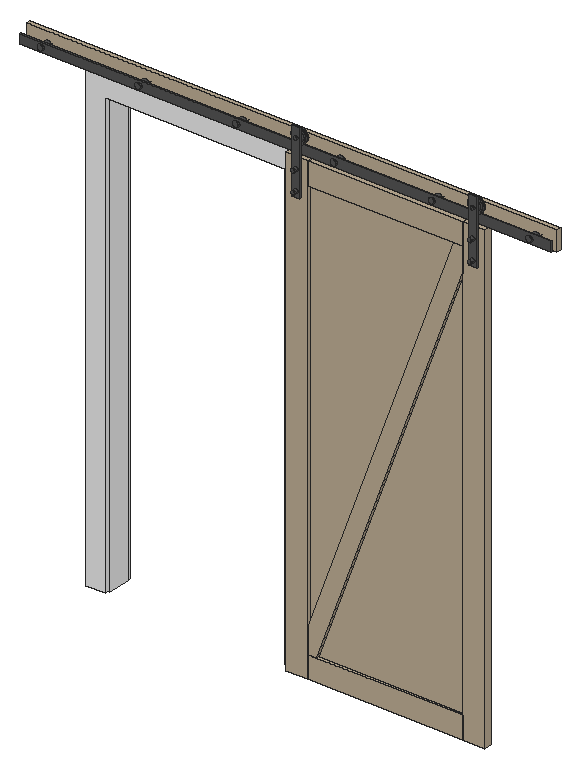
Revit family "Door_Barn_Salinas", category Doors, host Wall, Revit 2026
Family settings
  Host = Wall
  Classification Number = 23.30.10.17.11
  Always vertical = Yes
  Cut with Voids When Loaded = No
  Shared = No
  Room Calculation Point = No
Parameters (values of type "Unfinished Pine")
  panelmovement [instance] = if(Percent Open = 0, 0' 0", 3' 0" / ((100 / Percent Open)))  # 3' - 0"
  longtrackmounts = yes
  Width of Blocking Mounting Board [instance] = 0' - 3 1/2"
  Type Comments = "Confirm Opening Size Requirements"
  Track Width = 8' - 0"
  Strap Design [instance] = BarnDoorStraps : Straight Strap
  Standards Conformance = ""
  Sound Transmission Class (STC) = 0
  Show Generic Cased Opening [instance] = yes
  RO Offset [instance] = 0' - 0 3/4"
  Percent Open [instance] = 100
  Panel Width = 3' - 0"
  Panel Thickness = 0' - 1 3/8"
  Panel Stile Width [instance] = 0' - 4"
  Panel Rail Width_Top [instance] = 0' - 4"
  Panel Rail Width_Bottom [instance] = 0' - 4"
  Panel Intermediate Rail Widths [instance] = 0' - 3"
  Panel Height = 7' - 0"
  Minimum Width = 0' - 0"
  Maximum Width = 0' - 0"
  Locate Center of Track [instance] = 0' - 1 1/2"
  Include Blocking Mounting Board [instance] = yes
  Height to Bottom of Blocking Mounting Board [instance] = 7' - 0 1/16"
  Generic Casing Finish [instance] = Wood - Renin - Painted White
  Function = Interior
  Frame Finish [instance] = Metal - Renin - Matte Black Steel
  Door Finish [instance] = Wood - Renin - Pine Unfinished
  Door Design = Door_Barn-Panel_Renin_Z : Glazed Panel
  Clear Opening Width [instance] = 2' - 8"
  Clear Opening Height [instance] = 6' - 8"
  Warranty Duration (Years) = 0
  URL = "https://www.renin.com/"
  Thickness = 0' - 0"  # constant formula
  Test Data = ""
  Specification = ""
  SpecWizard = ""
  Send Message = ""
  Sales Information = "https://www.renin.com/contact-us/"
  Rough Width [instance] = (Clear Opening Width + (RO Offset * 2))  # 2' - 9 1/2"
  Rough Height [instance] = (Clear Opening Height + (RO Offset))  # 6' - 8 3/4"
  Product Properties = ""
  Product Data = "http://www.arcat.com/arcatcos/cos49/arc49687.html"
  Manufacturer Website = "https://www.renin.com/"
  Manufacturer Phone - Toll Free = ""
  Manufacturer Fax = "905-791-3813"
  Manufacturer Address = "110 Walker Dr.   Brampton, ON, Canada    L6T 4H6"
  Maintenance Schedule (Months) = 0
  Installation-Fabrication = ""
  Installation Phase = ""
  Green Building-LEED = ""
  Model = "Salinas - Unfinished Pine"
  Manufacturer = "Renin Corp"
  Keynote = "08 00 00"
  Height [instance] = 0' - 0"  # constant formula
  Wall Closure = By host
  Width [instance] = 0' - 0"  # constant formula
  Fire Rating = "As Specified"
  Expected Lifespan (Years) = 0
  Drawn By = "Sumex Design, Inc. / Robert S. Weygant, CSI, CDT, SCIP"  # constant formula
  Description = "Renin Barn Door and Track - Salinas as Specified"
  Copyright = "©Arcat Inc. R1_2017-03"  # constant formula
  Construction Details = ""
  Center Door Panel Material [instance] = Wood - Renin - Pine Unfinished
  Door CL Projection from Wall [instance] = 0' - 2 1/8"
  Building Codes = ""
  Available Options = ""
  Assembly Code = "C1020100"
  Analytic Construction = "<None>"
  Air Space Beneath Door = 0' - 0 7/16"
Reference planes (in)
  plane 1 "Center (Front/Back)": y = -33.96225
  plane 2 "Center (Left/Right)": x = 34.28704
  plane 3: z = 0
  plane 4 "Right": x = 50.28704
  plane 5 "Left": x = 18.28704
  plane 6: z = 0
  plane 7 "Top of Frame": z = 80
  plane 8 "RO Top": z = 80.75
  plane 9 "RO Right": x = 51.03704
  plane 10 "RO Left": x = 17.53704
  plane 11 "EXT WALL FACE": y = -31.96225
  plane 12 "INT WALL FACE": y = -35.96225
  plane 13: x = 51.78704
  plane 14: x = 3.78704
  plane 15: x = 99.78704
  plane 16: y = -38.08725
  plane 17: z = 84.4375
  plane 18: z = 0.4375
  plane 19: z = 85.5625
  plane 20: y = -37.39975
  plane 21: y = -38.77475
  plane 22: x = 52.28704
  plane 23: x = 88.28704
  plane 24: x = 70.28704
Forms (in)
  Sweep 1, solid, material "Wood - Renin - Painted White" <- "Generic Casing Finish", visible <- "Show Generic Cased Opening"
    path origin (0, -35.96225, 0) x (-1, 0, 0) y (0, 0, 1)
      loop
        line (-18.28704, 0) -> (-18.28704, 80) -> (-50.28704, 80) -> (-50.28704, 0)
    profile origin (18.28704, -35.96225, 40) x (1, 0, 0) y (0, 1, 0)
      loop
        line (0, 0) -> (0, 4) -> (-0.75, 4) -> (-0.75, 0) -> (0, 0)
  Sweep 2, solid, material "Wood - Renin - Painted White" <- "Generic Casing Finish", visible <- "Show Generic Cased Opening"
    path origin (0, -35.96225, 0) x (-1, 0, 0) y (0, 0, 1)
      loop
        line (-18.28704, 0) -> (-18.28704, 80) -> (-50.28704, 80) -> (-50.28704, 0)
    profile origin (18.28704, -35.96225, 40) x (1, 0, 0) y (0, 1, 0)
      loop
        line (-0.25, 4) -> (-0.25, 4.75) -> (-3.75, 4.75) -> (-3.75, 4) -> (-0.25, 4)
      loop
        line (-0.25, 0) -> (-3.75, 0) -> (-3.75, -0.75) -> (-0.25, -0.75) -> (-0.25, 0)
  Extrusion 3, solid, material "Metal - Renin - Matte Black Steel" <- "Frame Finish"
    sketch origin (10.10712, -38.08725, 48) x (-1, 0, 0) y (0, 0, 1)
      loop
        line (-89.67991, 38.4375) -> (-89.67991, 36.6875) -> (6.32009, 36.6875) -> (6.32009, 38.4375) -> (-89.67991, 38.4375)
    from 0.125 to -0.125
  Extrusion 4, solid, material "Wood - Renin - Pine Unfinished" <- "Door Finish", visible <- "Include Blocking Mounting Board"
    sketch origin (0, -35.96225, 0) x (-1, 0, 0) y (0, 0, 1)
      loop
        line (-3.78704, 87.5625) -> (-99.78704, 87.5625) -> (-99.78704, 84.0625) -> (-3.78704, 84.0625) -> (-3.78704, 87.5625)
    from 0 to -0.75
  Extrusion 5, solid, material "Metal - Renin - Matte Black Steel" <- "Frame Finish", visible <- "longtrackmounts"
    sketch origin (10.10712, -38.08725, 48) x (-1, 0, 0) y (0, 0, 1)
      loop
        circle (-50.52366, 37.5625) r 0.5
      loop
        circle (-68.21116, 37.5625) r 0.5
      loop
        circle (-85.89866, 37.5625) r 0.5
      loop
        circle (-32.83616, 37.5625) r 0.5
      loop
        circle (-15.14866, 37.5625) r 0.5
      loop
        circle (2.53884, 37.5625) r 0.5
    from -0.31146 to 2.125
Lines and regions (in)
  Opening 1
    outline origin (-109.33485, -35.96225, 0) x (1, 0, 0) y (0, 0, 1)
      loop
        line (126.87189, 0) -> (160.37189, 0) -> (160.37189, 80.75) -> (126.87189, 80.75) -> (126.87189, 0)
Text (in)
  text "Exterior" at (-73.77742, -16.66641, 0), in view "Plan"
  text "Interior" at (-73.77742, -50.14366, 0), in view "Plan"
  text "Exterior" at (0, -17.98638, 123.01588), in view "Right"
  text "Interior" at (0, -64.39139, 123.01588), in view "Right"
  text "Interior" at (0, -52.09468, 121.14095), in view "Left"
  text "Exterior" at (0, 26.35325, 123.00693), in view "Left"
Dimensions and locks (in)
  equal spacing: plane 4 "Right", plane 2 "Center (Left/Right)", plane 5 "Left"
  "Clear Opening Width": plane 5 "Left" to plane 4 "Right"
  "Clear Opening Height": level to plane 7 "Top of Frame"
  "RO Offset": plane 5 "Left" to plane 10 "RO Left"
  "RO Offset": plane 9 "RO Right" to plane 4 "Right"
  "RO Offset": plane 7 "Top of Frame" to plane 8 "RO Top"
  Sweep 2 sketch curve to plane 11 "EXT WALL FACE" to Sweep 2 sketch curve = 0' - 0 3/4" locked, 0' - 0" locked
  plane 12 "INT WALL FACE" to Sweep 2 sketch curve to Sweep 2 sketch curve = 0' - 0" locked, 0' - 0 3/4" locked
  Sweep 2 sketch curve to plane 10 "RO Left" to Sweep 2 sketch curve = 0' - 3" locked, 0' - 0 1/2" locked  (x2)
  "Locate Center of Track": plane 4 "Right" to plane 13
  equal spacing: plane 15, plane 13, plane 14
  "Track Width": plane 15 to plane 14
  "Door CL Projection from Wall": plane 12 "INT WALL FACE" to plane 16
  "Air Space Beneath Door": plane 18 to level
  "Panel Height": plane 17 to plane 18
  locked: plane 19 to plane 17 at 1.125
  Extrusion 3 sketch curve to plane 19 to Extrusion 3 sketch curve = 0' - 0 7/8" locked, 0' - 0 7/8" locked
  equal spacing: plane 20, plane 16, plane 21
  "Panel Thickness": plane 20 to plane 21
  locked: plane 23 to plane 22 at 36
  equal spacing: plane 23, plane 24, plane 22
  "panelmovement": plane 24 to plane 2 "Center (Left/Right)"
  "Height to Bottom of Blocking Mounting Board": Extrusion 4 sketch curve to level
  "Width of Blocking Mounting Board": Extrusion 4 sketch curve to Extrusion 4 sketch curve
  Extrusion 5 sketch curve to Extrusion 5 sketch curve to Extrusion 5 sketch curve to plane 13 = 1' - 5 11/16" locked, 1' - 5 11/16" locked, 0' - 8 27/32" locked
  Extrusion 5 sketch curve to Extrusion 5 sketch curve to Extrusion 5 sketch curve = 1' - 5 11/16" locked, 1' - 5 11/16" locked
  locked: plane 13 to Extrusion 5 sketch curve at 8.84375
  aligned and locked: host wall to plane 1 "Center (Front/Back)"
  aligned and locked: Opening 1 sketch curve to level
  aligned and locked: plane 9 "RO Right" to Opening 1 sketch curve
  aligned and locked: Opening 1 sketch curve to plane 8 "RO Top"
  aligned and locked: plane 10 "RO Left" to Opening 1 sketch curve
  aligned and locked: plane 12 "INT WALL FACE" to host wall
  aligned and locked: host wall to plane 11 "EXT WALL FACE"
  aligned and locked: plane 4 "Right" to Sweep 1 sketch curve
  aligned and locked: Sweep 1 sketch curve to plane 5 "Left"
  aligned and locked: Sweep 1 sketch curve to plane 7 "Top of Frame"
  aligned and locked: Sweep 1 sketch curve to plane 11 "EXT WALL FACE"
  aligned and locked: plane 12 "INT WALL FACE" to Sweep 1 sketch curve
  aligned and locked: plane 10 "RO Left" to Sweep 1 sketch curve
  aligned and locked: plane 5 "Left" to Sweep 1 sketch curve
  aligned and locked: plane 5 "Left" to Sweep 2 sketch curve
  aligned and locked: plane 7 "Top of Frame" to Sweep 2 sketch curve
  aligned and locked: Sweep 2 sketch curve to plane 4 "Right"
  aligned and locked: Extrusion 3 sketch curve to plane 15
  aligned and locked: Extrusion 3 sketch curve to plane 14
  aligned and locked: nested 1 to plane 21
  aligned and locked: plane 14 to Extrusion 4 sketch curve
  aligned and locked: plane 15 to Extrusion 4 sketch curve
  aligned and locked: plane 12 "INT WALL FACE" to Extrusion 5
  aligned and locked: plane 24 to nested 1
  aligned and locked: nested 2 to plane 20
  aligned and locked: nested 2 to plane 24
Automatic sketch dimensions
  Sweep 1 sketch curve to level = 0' - 0"  (x2)
  Sweep 2 sketch curve to level = 0' - 0"  (x2)
  Extrusion 5 sketch curve to plane 19 = 0' - 0"  (x6)
  radius of Extrusion 5 sketch curve = 0' - 0 1/2"  (x6)
Nested families (in)
  nested 1: "BarnDoorStraps" at (70.28704, -38.77475, 84.4375), type <- "Strap Design", Stile Width <- "Panel Stile Width", finish <- "Frame Finish", type "Straight Strap"
    with finish Metal - Renin - Matte Black Steel, Stile Width 0' - 4", Top Mount no, Strap Mountings yes, Straight Strap yes
  nested 2: "Door_Barn-Panel_Renin_Z" at (70.28704, -37.39975, 0), type <- "Door Design", Door Finish <- "Door Finish", Center Panel Material <- "Center Door Panel Material", Stile Width <- "Panel Stile Width", Rail Width_Top <- "Panel Rail Width_Top", Rail Width_Bottom <- "Panel Rail Width_Bottom", Panel Width <- "Panel Width", Panel Thickness <- "Panel Thickness", Panel Height <- "Panel Height", Intermediate Rail Width <- "Panel Intermediate Rail Widths", type "Glazed Panel"
    with groovelineextension 0' - 0", Stile Width 0' - 4", Rail Width_Top 0' - 4", Rail Width_Bottom 0' - 4", Panel Width 3' - 0", Panel Thickness 0' - 1 3/8", Panel Height 7' - 0", Intermediate Rail Width 0' - 3", Door Finish Wood - Renin - Pine Unfinished, Center Panel Thickness 0' - 0 1/2", Center Panel Material Wood - Renin - Pine Unfinished, Grooved Wood Panel no, Glazing Panel yes
Definition of nested family "BarnDoorStraps"
  Parameters
    finish [instance] = none
    Top Mount = yes
    Strap Mountings = no
    Straight Strap = no
    Stile Width [instance] = 0' - 4"
    Default Elevation = 4' - 0"
    Bent Strap = no
  Reference planes (in)
    plane 1 "Center (Front/Back)": y = 0
    plane 2: z = 0
    plane 3 "Center (Left/Right)": x = 0
    plane 4: x = -18
    plane 5: x = 18
    plane 6: x = -14
    plane 7: x = 14
    plane 8: x = -16
    plane 9: x = 16
    plane 10: x = -14.75
    plane 11: x = 14.75
  Forms (in)
    Extrusion 1, solid, material <- "finish", visible <- "Straight Strap"
      sketch origin (-16, -180, 3.46053) x (0, 0, 1) y (0, -1, 0)
        loop
          line (1.53947, -180) -> (1.53947, -179.8125) -> (-9.96053, -179.8125) -> (-9.96053, -180) -> (1.53947, -180)
      from 0.75 to -0.75
    Extrusion 2, solid, material <- "finish", visible <- "Straight Strap"
      sketch origin (16, -180, 3.46053) x (0, 0, 1) y (0, -1, 0)
        loop
          line (1.53947, -180) -> (1.53947, -179.8125) -> (-9.96053, -179.8125) -> (-9.96053, -180) -> (1.53947, -180)
      from 0.75 to -0.75
    Extrusion 3, solid, material <- "finish", visible <- "Strap Mountings"
      sketch origin (0, 0, 0) x (1, 0, 0) y (0, 0, 1)
        loop
          circle (-16, -1.9375) r 0.33529
        loop
          circle (-16, -5.5) r 0.33529
        loop
          circle (16, -1.9375) r 0.33529
        loop
          circle (16, -5.5) r 0.33529
      from 0.1875 to 0.83898
    Revolve 4, solid, material <- "finish", visible <- "Strap Mountings"
      sketch origin (-16, -180, 3.46053) x (0, 0, 1) y (0, -1, 0)
        loop
          line (-0.64045, -180) -> (-1.06567, -180) -> (-1.19953, -180.45376) -> (-1.71053, -180.45376) -> (-1.71053, -180.56187) -> (-1.46053, -180.56187) -> (-1.46053, -180.81187) -> (-1.71053, -180.81187) -> (-1.71053, -180.92124) -> (-1.19953, -180.92124) -> (-1.06567, -181.375) -> (-0.33553, -181.375) -> (-0.33553, -179.6989) -> (-0.64045, -179.6989) -> (-0.64045, -180)
        axis (-0.33553, -179.6989) -> (-0.33553, -181.375)
      angle from 0 to 360
    Revolve 5, solid, material <- "finish", visible <- "Strap Mountings"
      sketch origin (16, -180, 3.46053) x (0, 0, 1) y (0, -1, 0)
        loop
          line (-0.64045, -180) -> (-1.06567, -180) -> (-1.19953, -180.45376) -> (-1.71053, -180.45376) -> (-1.71053, -180.56187) -> (-1.46053, -180.56187) -> (-1.46053, -180.81187) -> (-1.71053, -180.81187) -> (-1.71053, -180.92124) -> (-1.19953, -180.92124) -> (-1.06567, -181.375) -> (-0.33553, -181.375) -> (-0.33553, -179.6989) -> (-0.64045, -179.6989) -> (-0.64045, -180)
        axis (-0.33553, -179.6989) -> (-0.33553, -181.375)
      angle from 0 to 360
    Extrusion 6, solid, material <- "finish", visible <- "Bent Strap"
      sketch origin (-16, -180, 3.46053) x (0, 0, 1) y (0, -1, 0)
        loop
          line (0.78947, -179.8125) -> (-9.96053, -179.8125) -> (-9.96053, -180) -> (0.78947, -180)
          arc (0.78947, -180) -> (1.47697, -180.6875) -> (0.78947, -181.375) r 0.6875
          line (0.78947, -181.375) -> (-0.96053, -181.375) -> (-0.96053, -181.5625) -> (0.78947, -181.5625)
          arc (0.78947, -181.5625) -> (1.66447, -180.6875) -> (0.78947, -179.8125) r 0.875
      from 0.75 to -0.75
    Extrusion 7, solid, material <- "finish", visible <- "Bent Strap"
      sketch origin (16, -180, 3.46053) x (0, 0, 1) y (0, -1, 0)
        loop
          line (0.78947, -179.8125) -> (-9.96053, -179.8125) -> (-9.96053, -180) -> (0.78947, -180)
          arc (0.78947, -180) -> (1.47697, -180.6875) -> (0.78947, -181.375) r 0.6875
          line (0.78947, -181.375) -> (-0.96053, -181.375) -> (-0.96053, -181.5625) -> (0.78947, -181.5625)
          arc (0.78947, -181.5625) -> (1.66447, -180.6875) -> (0.78947, -179.8125) r 0.875
      from 0.75 to -0.75
    Revolve 8, solid, material <- "finish", visible <- "Top Mount"
      sketch origin (-14.75, -180, 3.46053) x (0, 0, 1) y (0, -1, 0)
        loop
          line (-0.64045, -180) -> (-1.06567, -180) -> (-1.19953, -180.45376) -> (-1.71053, -180.45376) -> (-1.71053, -180.56187) -> (-1.46053, -180.56187) -> (-1.46053, -180.81187) -> (-1.71053, -180.81187) -> (-1.71053, -180.92124) -> (-1.19953, -180.92124) -> (-1.06567, -181.375) -> (-0.33553, -181.375) -> (-0.33553, -179.6989) -> (-0.64045, -179.6989) -> (-0.64045, -180)
        axis (-0.33553, -179.6989) -> (-0.33553, -181.375)
      angle from 0 to 360
    Revolve 9, solid, material <- "finish", visible <- "Top Mount"
      sketch origin (14.75, -180, 3.46053) x (0, 0, 1) y (0, -1, 0)
        loop
          line (-0.64045, -180) -> (-1.06567, -180) -> (-1.19953, -180.45376) -> (-1.71053, -180.45376) -> (-1.71053, -180.56187) -> (-1.46053, -180.56187) -> (-1.46053, -180.81187) -> (-1.71053, -180.81187) -> (-1.71053, -180.92124) -> (-1.19953, -180.92124) -> (-1.06567, -181.375) -> (-0.33553, -181.375) -> (-0.33553, -179.6989) -> (-0.64045, -179.6989) -> (-0.64045, -180)
        axis (-0.33553, -179.6989) -> (-0.33553, -181.375)
      angle from 0 to 360
    Extrusion 10, solid, material <- "finish", visible <- "Top Mount"
      sketch origin (0, 0, 0) x (1, 0, 0) y (0, 0, 1)
        loop
          line (-15.5, 0) -> (-14, 0) -> (-14, 3.125)
          arc (-14, 3.125) -> (-14.75, 3.875) -> (-15.5, 3.125) r 0.75
          line (-15.5, 3.125) -> (-15.5, 0)
        loop
          line (15.5, 0) -> (15.5, 3.125)
          arc (15.5, 3.125) -> (14.75, 3.875) -> (14, 3.125) r 0.75
          line (14, 3.125) -> (14, 0) -> (15.5, 0)
      from 0 to 0.1875
    Extrusion 11, solid, material <- "finish", visible <- "Top Mount"
      sketch origin (0, 0, 0) x (1, 0, 0) y (0, 1, 0)
        loop
          line (-16.5, 0.0625) -> (-15.5, 0.0625) -> (-15.5, 0) -> (-14, 0) -> (-14, 0.0625) -> (-13, 0.0625)
          arc (-13, 0.0625) -> (-12.375, 0.6875) -> (-13, 1.3125) r 0.625
          line (-13, 1.3125) -> (-16.5, 1.3125)
          arc (-16.5, 1.3125) -> (-17.125, 0.6875) -> (-16.5, 0.0625) r 0.625
        loop
          arc (16.5, 0.0625) -> (17.125, 0.6875) -> (16.5, 1.3125) r 0.625
          line (16.5, 1.3125) -> (13, 1.3125)
          arc (13, 1.3125) -> (12.375, 0.6875) -> (13, 0.0625) r 0.625
          line (13, 0.0625) -> (14, 0.0625) -> (14, 0) -> (15.5, 0) -> (15.5, 0.0625) -> (16.5, 0.0625)
      from 0 to 0.19622
  Cuts and joins
    joined: Extrusion 10, Extrusion 11
  Dimensions and locks (in)
    plane 4 to plane 3 "Center (Left/Right)" to plane 5 = 1' - 6" locked, 1' - 6" locked
    "Stile Width": plane 6 to plane 4
    "Stile Width": plane 5 to plane 7
    equal spacing: plane 6, plane 8, plane 4
    equal spacing: plane 5, plane 9, plane 7
    locked: plane 6 to plane 10 at 0.75
    locked: plane 11 to plane 7 at 0.75
    plane 6 to Extrusion 10 sketch curve to Extrusion 10 sketch curve = 0' - 0" locked, 0' - 1 1/2" locked
    Extrusion 10 sketch curve to plane 7 to Extrusion 10 sketch curve = 0' - 1 1/2" locked, 0' - 0" locked
    Extrusion 11 sketch curve to plane 10 to Extrusion 11 sketch curve = 0' - 1 3/4" locked, 0' - 1 3/4" locked
    Extrusion 11 sketch curve to plane 11 to Extrusion 11 sketch curve = 0' - 1 3/4" locked, 0' - 1 3/4" locked
    plane 7 to Extrusion 11 sketch curve to Extrusion 11 sketch curve = 0' - 0" locked, 0' - 1 1/2" locked
    Extrusion 11 sketch curve to plane 6 to Extrusion 11 sketch curve = 0' - 1 1/2" locked, 0' - 0" locked
    aligned and locked: plane 2 to level
  Automatic sketch dimensions
    Extrusion 1 sketch curve to plane 1 "Center (Front/Back)" = 0' - 0"
    Extrusion 1 sketch curve to level = 0' - 6 1/2"
    plane 1 "Center (Front/Back)" to Extrusion 1 sketch curve = 0' - 0 3/16"
    level to Extrusion 1 sketch curve = 0' - 5"
    Extrusion 2 sketch curve to plane 1 "Center (Front/Back)" = 0' - 0"
    Extrusion 2 sketch curve to level = 0' - 6 1/2"
    plane 1 "Center (Front/Back)" to Extrusion 2 sketch curve = 0' - 0 3/16"
    level to Extrusion 2 sketch curve = 0' - 5"
    Extrusion 3 sketch curve to plane 8 = 0' - 0"  (x2)
    Extrusion 3 sketch curve to plane 9 = 0' - 0"  (x2)
    Extrusion 3 sketch curve to level = 0' - 5 1/2"  (x2)
    Extrusion 3 sketch curve to level = 0' - 1 15/16"  (x2)
    Revolve 4 sketch curve to plane 1 "Center (Front/Back)" = 0' - 0"  (x2)
    Revolve 4 sketch curve to plane 1 "Center (Front/Back)" = 0' - 0.81187"
    level to Revolve 4 sketch curve = 0' - 1 3/4"
    Revolve 4 sketch curve to Revolve 4 sketch curve = 0' - 0"  (x2)
    Revolve 4 sketch curve to Revolve 4 sketch curve = 0' - 0 1/4"  (x2)
    Revolve 4 sketch curve to plane 1 "Center (Front/Back)" = 0' - 0.45376"
    Revolve 4 sketch curve to Revolve 4 sketch curve = 0' - 0.261"  (x2)
    Revolve 4 sketch curve to Revolve 4 sketch curve = 0' - 0.13386"  (x2)
    Revolve 4 sketch curve to Revolve 4 sketch curve = 0' - 0.42522"
    Revolve 4 sketch curve to Revolve 4 sketch curve = 0' - 0.73014"
    Revolve 4 sketch curve to Revolve 4 sketch curve = 0' - 0 7/64"
    Revolve 4 sketch curve to Revolve 4 sketch curve = 0' - 0.45376"
    plane 1 "Center (Front/Back)" to Revolve 4 sketch curve = 0' - 0.3011"
    Revolve 4 sketch curve to Revolve 4 sketch curve = 0' - 2 1/8"
    Revolve 5 sketch curve to plane 1 "Center (Front/Back)" = 0' - 0"  (x2)
    Revolve 5 sketch curve to plane 1 "Center (Front/Back)" = 0' - 0.81187"
    level to Revolve 5 sketch curve = 0' - 1 3/4"
    Revolve 5 sketch curve to Revolve 5 sketch curve = 0' - 0"  (x2)
    Revolve 5 sketch curve to Revolve 5 sketch curve = 0' - 0 1/4"  (x2)
    Revolve 5 sketch curve to plane 1 "Center (Front/Back)" = 0' - 0.45376"
    Revolve 5 sketch curve to Revolve 5 sketch curve = 0' - 0.261"  (x2)
    Revolve 5 sketch curve to Revolve 5 sketch curve = 0' - 0.13386"  (x2)
    Revolve 5 sketch curve to Revolve 5 sketch curve = 0' - 0.42522"
    Revolve 5 sketch curve to Revolve 5 sketch curve = 0' - 0.73014"
    Revolve 5 sketch curve to Revolve 5 sketch curve = 0' - 0 7/64"
    Revolve 5 sketch curve to Revolve 5 sketch curve = 0' - 0.45376"
    plane 1 "Center (Front/Back)" to Revolve 5 sketch curve = 0' - 0.3011"
    Revolve 5 sketch curve to Revolve 5 sketch curve = 0' - 2 1/8"
    Extrusion 6 sketch curve to Extrusion 6 sketch curve = 0' - 0"  (x2)
    Extrusion 6 sketch curve to plane 1 "Center (Front/Back)" = 0' - 0"
    plane 1 "Center (Front/Back)" to Extrusion 6 sketch curve = 0' - 0 3/16"
    Extrusion 6 sketch curve to level = 0' - 6 1/2"
    level to Extrusion 6 sketch curve = 0' - 2 1/2"
    Extrusion 6 sketch curve to Extrusion 6 sketch curve = 0' - 1 3/4"
    Extrusion 6 sketch curve to Extrusion 6 sketch curve = 0' - 0 11/16"
    Extrusion 7 sketch curve to Extrusion 7 sketch curve = 0' - 0"  (x2)
    Extrusion 7 sketch curve to plane 1 "Center (Front/Back)" = 0' - 0"
    plane 1 "Center (Front/Back)" to Extrusion 7 sketch curve = 0' - 0 3/16"
    Extrusion 7 sketch curve to level = 0' - 6 1/2"
    level to Extrusion 7 sketch curve = 0' - 2 1/2"
    Extrusion 7 sketch curve to Extrusion 7 sketch curve = 0' - 1 3/4"
    Extrusion 7 sketch curve to Extrusion 7 sketch curve = 0' - 0 11/16"
    Revolve 8 sketch curve to plane 1 "Center (Front/Back)" = 0' - 0"  (x2)
    Revolve 8 sketch curve to plane 1 "Center (Front/Back)" = 0' - 0.81187"
    level to Revolve 8 sketch curve = 0' - 1 3/4"
    Revolve 8 sketch curve to Revolve 8 sketch curve = 0' - 0"  (x2)
    Revolve 8 sketch curve to Revolve 8 sketch curve = 0' - 0 1/4"  (x2)
    Revolve 8 sketch curve to plane 1 "Center (Front/Back)" = 0' - 0.45376"
    Revolve 8 sketch curve to Revolve 8 sketch curve = 0' - 0.261"  (x2)
    Revolve 8 sketch curve to Revolve 8 sketch curve = 0' - 0.13386"  (x2)
    Revolve 8 sketch curve to Revolve 8 sketch curve = 0' - 0.42522"
    Revolve 8 sketch curve to Revolve 8 sketch curve = 0' - 0.73014"
    Revolve 8 sketch curve to Revolve 8 sketch curve = 0' - 0 7/64"
    Revolve 8 sketch curve to Revolve 8 sketch curve = 0' - 0.45376"
    plane 1 "Center (Front/Back)" to Revolve 8 sketch curve = 0' - 0.3011"
    Revolve 8 sketch curve to Revolve 8 sketch curve = 0' - 2 1/8"
    Revolve 9 sketch curve to plane 1 "Center (Front/Back)" = 0' - 0"  (x2)
    Revolve 9 sketch curve to plane 1 "Center (Front/Back)" = 0' - 0.81187"
    level to Revolve 9 sketch curve = 0' - 1 3/4"
    Revolve 9 sketch curve to Revolve 9 sketch curve = 0' - 0"  (x2)
    Revolve 9 sketch curve to Revolve 9 sketch curve = 0' - 0 1/4"  (x2)
    Revolve 9 sketch curve to plane 1 "Center (Front/Back)" = 0' - 0.45376"
    Revolve 9 sketch curve to Revolve 9 sketch curve = 0' - 0.261"  (x2)
    Revolve 9 sketch curve to Revolve 9 sketch curve = 0' - 0.13386"  (x2)
    Revolve 9 sketch curve to Revolve 9 sketch curve = 0' - 0.42522"
    Revolve 9 sketch curve to Revolve 9 sketch curve = 0' - 0.73014"
    Revolve 9 sketch curve to Revolve 9 sketch curve = 0' - 0 7/64"
    Revolve 9 sketch curve to Revolve 9 sketch curve = 0' - 0.45376"
    Revolve 9 sketch curve to Revolve 9 sketch curve = 0' - 0.3011"
    Revolve 9 sketch curve to Revolve 9 sketch curve = 0' - 2 1/8"
    Extrusion 10 sketch curve to level = 0' - 0"  (x2)
    level to Extrusion 10 sketch curve = 0' - 3 1/8"
    Extrusion 10 sketch curve to Extrusion 10 sketch curve = 0' - 3 1/8"
    plane 1 "Center (Front/Back)" to Extrusion 11 sketch curve = 0' - 0"  (x2)
    Extrusion 11 sketch curve to plane 1 "Center (Front/Back)" = 0' - 0 1/16"  (x4)
    Extrusion 11 sketch curve to Extrusion 11 sketch curve = 0' - 0 5/8"  (x2)
    radius of Extrusion 3 sketch curve = 0' - 0.33529"  (x4)
Definition of nested family "Door_Barn-Panel_Renin_Z"
  Parameters
    groovelineextension [instance] = if(Grooved Wood Panel, Panel Height - Rail Width_Top - Rail Width_Bottom, 0' 0")  # 6' - 4"
    Stile Width [instance] = 0' - 4.0428"
    Rail Width_Top [instance] = 0' - 4"
    Rail Width_Bottom [instance] = 0' - 4"
    Panel Width [instance] = 3' - 0"
    Panel Thickness [instance] = 0' - 1 3/8"
    Panel Height [instance] = 7' - 0"
    Intermediate Rail Width [instance] = 0' - 3"
    Grooved Wood Panel = yes
    Glazing Panel = no
    Door Finish [instance] = none
    Default Elevation = 0' - 0"  # constant formula
    Center Panel Thickness [instance] = 0' - 0 1/2"  # constant formula
    Center Panel Material [instance] = none
  Reference planes (in)
    plane 1 "Center (Front/Back)": y = 0
    plane 2: z = 0
    plane 3 "Center (Left/Right)": x = 0
    plane 4: x = -18
    plane 5: x = 18
    plane 6: z = 0.4375
    plane 7: z = 84.4375
    plane 8: y = -1.375
    plane 9: z = 80.4375
    plane 10: z = 4.4375
    plane 11: x = -13.9572
    plane 12: x = 13.9572
    plane 13: y = -0.6875
    plane 14: y = -0.4375
    plane 15: y = -0.9375
    plane 16: x = -8.37432
    plane 17: x = -2.79144
    plane 18: x = 2.79144
    plane 19: x = 8.37432
  Forms (in)
    Extrusion 1, solid, material <- "Door Finish"
      sketch origin (0, 0, 0) x (1, 0, 0) y (0, 0, 1)
        loop
          line (-13.9572, 4.4375) -> (-13.9572, 0.4375) -> (13.9572, 0.4375) -> (13.9572, 4.4375) -> (-13.9572, 4.4375)
      from 0 to 1.375 <- "Panel Thickness"
    Extrusion 2, solid, material <- "Door Finish"
      sketch origin (0, 0, 0) x (1, 0, 0) y (0, 0, 1)
        loop
          line (-18, 84.4375) -> (-18, 0.4375) -> (-13.9572, 0.4375) -> (-13.9572, 84.4375) -> (-18, 84.4375)
        loop
          line (13.9572, 84.4375) -> (13.9572, 0.4375) -> (18, 0.4375) -> (18, 84.4375) -> (13.9572, 84.4375)
      from 0 to 1.375 <- "Panel Thickness"
    Extrusion 3, solid, material <- "Door Finish"
      sketch origin (0, 0, 0) x (1, 0, 0) y (0, 0, 1)
        loop
          line (-13.9572, 84.4375) -> (-13.9572, 80.4375) -> (13.9572, 80.4375) -> (13.9572, 84.4375) -> (-13.9572, 84.4375)
      from 0 to 1.375 <- "Panel Thickness"
    Extrusion 4, solid, material <- "Center Panel Material"
      sketch origin (-18.65389, -0.6875, 48) x (-1, 0, 0) y (0, 0, 1)
        loop
          line (-4.69669, 32.4375) -> (-32.61109, 32.4375) -> (-32.61109, -43.5625) -> (-4.69669, -43.5625) -> (-4.69669, 32.4375)
      from -0.25 to 0.25
    Extrusion 5, void
      sketch origin (-21.72866, -180, 80.4375) x (0, -1, 0) y (-1, 0, 0)
        loop
          line (-179.5625, -13.47934) -> (-179.49033, -13.35434) -> (-179.5625, -13.22934) -> (-179.5625, -13.47934)
        loop
          line (-179.0625, -13.47934) -> (-179.0625, -13.22934) -> (-179.13467, -13.35434) -> (-179.0625, -13.47934)
      from -0.5 to 76 <- "groovelineextension"
    Extrusion 6, void
      sketch origin (-21.72866, -180, 80.4375) x (0, -1, 0) y (-1, 0, 0)
        loop
          line (-179.49033, -18.93722) -> (-179.5625, -18.81222) -> (-179.5625, -19.06222) -> (-179.49033, -18.93722)
        loop
          line (-179.0625, -18.81222) -> (-179.13467, -18.93722) -> (-179.0625, -19.06222) -> (-179.0625, -18.81222)
      from -0.5 to 76 <- "groovelineextension"
    Extrusion 7, void
      sketch origin (-21.72866, -180, 80.4375) x (0, -1, 0) y (-1, 0, 0)
        loop
          line (-179.49033, -24.5201) -> (-179.5625, -24.3951) -> (-179.5625, -24.6451) -> (-179.49033, -24.5201)
        loop
          line (-179.0625, -24.3951) -> (-179.13467, -24.5201) -> (-179.0625, -24.6451) -> (-179.0625, -24.3951)
      from -0.5 to 76 <- "groovelineextension"
    Extrusion 8, void
      sketch origin (-21.72866, -180, 80.4375) x (0, -1, 0) y (-1, 0, 0)
        loop
          line (-179.49033, -30.10298) -> (-179.5625, -29.97798) -> (-179.5625, -30.22798) -> (-179.49033, -30.10298)
        loop
          line (-179.0625, -29.97798) -> (-179.13467, -30.10298) -> (-179.0625, -30.22798) -> (-179.0625, -29.97798)
      from -0.5 to 76 <- "groovelineextension"
    Extrusion 9, solid, material <- "Door Finish"
      sketch origin (13.9572, 0, 80.4375) x (-0.344774, 0, -0.938686) y (0.938686, 0, -0.344774)
        loop
          line (76.88036, -1.5) -> (80.96427, 0) -> (80.41333, 1.5) -> (4.08391, 1.5) -> (0, 0) -> (0.55094, -1.5) -> (76.88036, -1.5)
      from 0 to 1.375 <- "Panel Thickness"
  Cuts and joins
    Extrusion 5, Extrusion 6, Extrusion 7, Extrusion 8 cuts Extrusion 1
    Extrusion 5, Extrusion 6, Extrusion 7, Extrusion 8 cuts Extrusion 4
  Lines and regions (in)
    reference lines
      curve 1: line (13.9572, 0, 80.4375) -> (-13.9572, 0, 4.4375)
  Dimensions and locks (in)
    equal spacing: plane 4, plane 3 "Center (Left/Right)", plane 5
    "Panel Width": plane 4 to plane 5
    locked: plane 6 to level at 0.4375
    "Panel Height": plane 7 to plane 6
    "Panel Thickness": plane 8 to plane 1 "Center (Front/Back)"
    "Stile Width": plane 11 to plane 4
    "Stile Width": plane 5 to plane 12
    "Rail Width_Top": plane 7 to plane 9
    "Rail Width_Bottom": plane 10 to plane 6
    equal spacing: plane 8, plane 13, plane 1 "Center (Front/Back)"
    equal spacing: plane 14, plane 13, plane 15
    "Center Panel Thickness": plane 14 to plane 15
    equal spacing: plane 11, plane 16, plane 17, plane 18, plane 19, plane 12
    Extrusion 5 sketch curve to plane 16 to Extrusion 5 sketch curve = 0' - 0 1/8" locked, 0' - 0 1/8" locked  (x2)
    plane 14 to Extrusion 5 sketch curve to Extrusion 5 sketch curve = 0' - 0" locked, 0' - 0.07217" locked
    plane 15 to Extrusion 5 sketch curve to Extrusion 5 sketch curve = 0' - 0" locked, 0' - 0.07217" locked
    Extrusion 6 sketch curve to plane 17 to Extrusion 6 sketch curve = 0' - 0 1/8" locked, 0' - 0 1/8" locked  (x2)
    plane 14 to Extrusion 6 sketch curve to Extrusion 6 sketch curve = 0' - 0" locked, 0' - 0.07217" locked
    plane 15 to Extrusion 6 sketch curve to Extrusion 6 sketch curve = 0' - 0" locked, 0' - 0.07217" locked
    Extrusion 7 sketch curve to plane 18 to Extrusion 7 sketch curve = 0' - 0 1/8" locked, 0' - 0 1/8" locked  (x2)
    plane 14 to Extrusion 7 sketch curve to Extrusion 7 sketch curve = 0' - 0" locked, 0' - 0.07217" locked
    plane 15 to Extrusion 7 sketch curve to Extrusion 7 sketch curve = 0' - 0" locked, 0' - 0.07217" locked
    Extrusion 8 sketch curve to plane 19 to Extrusion 8 sketch curve = 0' - 0 1/8" locked, 0' - 0 1/8" locked  (x2)
    plane 14 to Extrusion 8 sketch curve to Extrusion 8 sketch curve = 0' - 0" locked, 0' - 0.07217" locked
    plane 15 to Extrusion 8 sketch curve to Extrusion 8 sketch curve = 0' - 0" locked, 0' - 0.07217" locked
    equal spacing: Extrusion 9 sketch curve, curve 1, Extrusion 9 sketch curve
    "Intermediate Rail Width": Extrusion 9 sketch curve to Extrusion 9 sketch curve
    aligned and locked: plane 2 to level
    aligned and locked: Extrusion 1 sketch curve to plane 10
    aligned and locked: plane 11 to Extrusion 1 sketch curve
    aligned and locked: plane 6 to Extrusion 1 sketch curve
    aligned and locked: Extrusion 1 sketch curve to plane 12
    aligned and locked: Extrusion 2 sketch curve to plane 7  (x2)
    aligned and locked: plane 4 to Extrusion 2 sketch curve
    aligned and locked: Extrusion 2 sketch curve to Extrusion 1  (x2)
    aligned and locked: plane 12 to Extrusion 2 sketch curve
    aligned and locked: plane 6 to Extrusion 2 sketch curve
    aligned and locked: Extrusion 2 sketch curve to plane 5
    aligned and locked: Extrusion 3 sketch curve to Extrusion 2
    aligned and locked: Extrusion 2 to Extrusion 3 sketch curve
    aligned and locked: plane 9 to Extrusion 3 sketch curve
    aligned and locked: Extrusion 3 sketch curve to plane 12
    aligned and locked: Extrusion 4 sketch curve to Extrusion 3  (x2)
    aligned and locked: Extrusion 4 sketch curve to Extrusion 1  (x2)
    aligned and locked: plane 15 to Extrusion 4
    aligned and locked: plane 14 to Extrusion 4
    aligned and locked: plane 10 to curve 1
    aligned and locked: plane 11 to curve 1
    aligned and locked: plane 12 to curve 1
    aligned and locked: plane 9 to curve 1
    aligned and locked: Extrusion 9 sketch curve to plane 11
    aligned and locked: Extrusion 9 sketch curve to plane 10
    aligned and locked: Extrusion 9 sketch curve to plane 9
    aligned and locked: Extrusion 9 sketch curve to plane 12
  Automatic sketch dimensions
    Extrusion 5 sketch curve to plane 16 = 0' - 0"  (x2)
    Extrusion 6 sketch curve to plane 17 = 0' - 0"  (x2)
    Extrusion 7 sketch curve to plane 18 = 0' - 0"  (x2)
    Extrusion 8 sketch curve to plane 19 = 0' - 0"  (x2)
